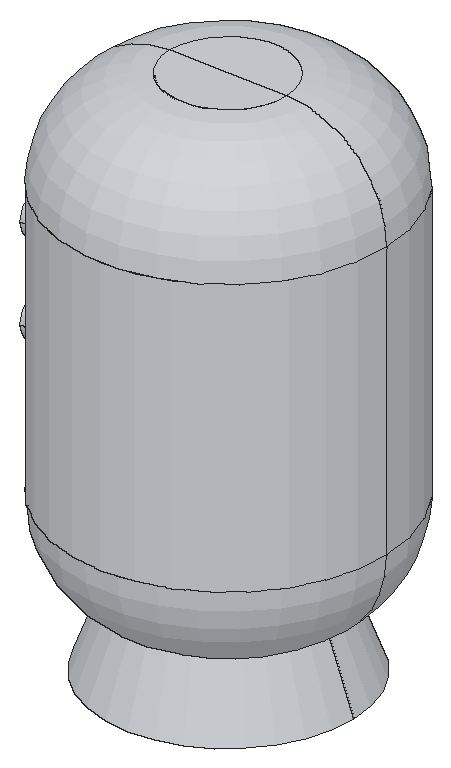
Revit family "0929b2b3861f4d8daf7a03f8534deceb", category Mechanical Equipment, Revit 2021
Family settings
  Round Connector Dimension = Use Radius
  Part Type = Normal
  OmniClass Number = 23.65.50.11.11.11
  OmniClass Title = Water Filters
  Seek Item ID = Sand Filter-0000-USA-ENU
  Work Plane-Based = No
  Always vertical = Yes
  Cut with Voids When Loaded = No
  Shared = No
  Room Calculation Point = No
Parameters (values of type "40 GPM")
  Sand Filter Radius = 1 / 2 * Sand Filter Diameter  # 0' - 9 1/2"
  Sand Filter Height = 2' - 8"
  Sand Filter Diameter = 1' - 7"
  Radius 2 = Sand Filter Radius - 0' 2"  # 0' - 7 1/2"
  Radius 1 = Sand Filter Radius - 0' 3 1/2"  # 0' - 6"
  Pressure Drop [instance] = 0.285 psi
  Outlet Radius = 1"
  Outlet Diameter = Outlet Radius * 2  # 2"
  Inlet Radius = 1"
  Inlet Diameter = Inlet Radius * 2  # 2"
  Flow [instance] = 40 GPM
  Filter Material = none
  Default Elevation = 0' - 0"
  Connector Height 2 = 1' - 8 1/2"
  Connector Height 1 = 1' - 3"
Types (5): name | Sand Filter Radius | Sand Filter Height | Sand Filter Diameter | Radius 2 | Radius 1 | Pressure Drop | Flow | Connector Height 2 | Connector Height 1
  (no name) | 0' - 9 1/2" | 2' - 8" | 1' - 7" | 0' - 7 1/2" | 0' - 6" | 0.285 psi | 40 GPM | 1' - 8 1/2" | 1' - 3"
  40 GPM | 0' - 9 1/2" | 2' - 8" | 1' - 7" | 0' - 7 1/2" | 0' - 6" | 0.285 psi | 40 GPM | 1' - 8 1/2" | 1' - 3"
  50 GPM | 0' - 10 1/2" | 3' - 4" | 1' - 9" | 0' - 8 1/2" | 0' - 7" | 0.337 psi | 50 GPM | 2' - 1 13/16" | 1' - 5 5/8"
  100 GPM | 1' - 0" | 3' - 10" | 2' - 0" | 0' - 10" | 0' - 8 1/2" | 0.378 psi | 100 GPM | 2' - 5 13/16" | 1' - 7 11/16"
  140 GPM | 1' - 6 1/2" | 4' - 4" | 3' - 1" | 1' - 4 1/2" | 1' - 3" | 0.427 psi | 140 GPM | 2' - 9 13/16" | 1' - 9 11/16"
Reference planes (in)
  plane 1 "Center (Front/Back)": y = 0
  plane 2: z = 0
  plane 3 "Center (Left/Right)": x = 0
  plane 4: z = 4
  plane 5: x = -9.5
  plane 6: x = 9.5
  plane 7: x = -6
  plane 8: x = 6
  plane 9: z = 9.5
  plane 10: z = 32
  plane 11: z = 26
  plane 12: x = -3.5
  plane 13: x = 3.5
  plane 14: z = 15
  plane 15: z = 20.5
  plane 16: x = -11.5
  plane 17: z = 3.4
  plane 18: x = -3.4
Forms (in)
  Blend 1, solid, material <- "Filter Material"
    base sketch origin (0, 0, 0) x (1, 0, 0) y (0, 1, 0)
      loop
        circle (0, 0) r 6
    top sketch origin (0, 0, 0) x (1, 0, 0) y (0, 1, 0)
      loop
        circle (0, 0) r 7.5
    from 4 to 0
  Extrusion 2, solid, material <- "Filter Material"
    sketch origin (0, 0, 0) x (0, 1, 0) y (0, 0, 1)
      loop
        circle (0, 20.5) r 1.1875
    from -11.5 to -6
  Extrusion 3, solid, material <- "Filter Material"
    sketch origin (0, 0, 0) x (0, 1, 0) y (0, 0, 1)
      loop
        circle (0, 15) r 1.1875
    from -11.5 to -6
  Revolve 4, solid, material <- "Filter Material"
    sketch origin (0, 0, 0) x (1, 0, 0) y (0, 0, 1)
      loop
        line (0, 32) -> (-3.5, 32)
        arc (-3.5, 32) -> (-7.74264, 30.24264) -> (-9.5, 26) r 6
        line (-9.5, 26) -> (-9.5, 9.5)
        arc (-9.5, 9.5) -> (-8.5625, 6.25061) -> (-6.03818, 4) r 6.1
        line (-6.03818, 4) -> (0, 4) -> (0, 32)
      axis (0, 32) -> (0, 4)
    angle from 0 to 360
Cuts and joins
  joined: Extrusion 2, Extrusion 3, Revolve 4
Dimensions and locks (in)
  locked: plane 4 to plane 2 at 4
  equal spacing: plane 5, plane 3 "Center (Left/Right)", plane 6
  "Sand Filter Radius": plane 5 to plane 3 "Center (Left/Right)"
  equal spacing: plane 6, plane 3 "Center (Left/Right)", plane 5
  "Sand Filter Radius": plane 3 "Center (Left/Right)" to plane 5
  locked: plane 7 to plane 5 at 3.5
  locked: plane 6 to plane 8 at 3.5
  locked: plane 9 to plane 4 at 5.5
  "Sand Filter Height": plane 10 to plane 2
  locked: plane 10 to plane 11 at 6
  locked: plane 12 to plane 5 at 6
  locked: plane 6 to plane 13 at 6
  "Connector Height 1": plane 14 to plane 2
  "Connector Height 2": plane 15 to plane 2
  locked: plane 5 to plane 16 at 2
  locked: plane 9 to plane 17 at 6.1
  locked: plane 18 to plane 5 at 6.1
  "Radius 1": radius of Blend 1 sketch curve
  "Radius 2": radius of Blend 1 sketch curve
  radius of Extrusion 2 sketch curve = 0' - 1 3/16"
  radius of Extrusion 3 sketch curve = 0' - 1 3/16"
  radius of Revolve 4 sketch curve = 0' - 6"
  aligned and locked: plane 3 "Center (Left/Right)" to Blend 1 sketch curve  (x2)
  aligned and locked: plane 1 "Center (Front/Back)" to Blend 1 sketch curve  (x2)
  aligned and locked: Blend 1 to plane 4
  aligned and locked: Blend 1 to plane 2
  aligned and locked: plane 1 "Center (Front/Back)" to Extrusion 2 sketch curve
  aligned and locked: plane 15 to Extrusion 2 sketch curve
  aligned and locked: Extrusion 2 to plane 16
  aligned and locked: plane 1 "Center (Front/Back)" to Extrusion 3 sketch curve
  aligned and locked: plane 14 to Extrusion 3 sketch curve
  aligned and locked: Extrusion 3 to plane 16
  aligned and locked: plane 7 to Extrusion 2
  aligned and locked: plane 7 to Extrusion 3
  aligned and locked: plane 3 "Center (Left/Right)" to Revolve 4 sketch curve
  aligned and locked: plane 10 to Revolve 4 sketch curve
  aligned and locked: Revolve 4 sketch curve to plane 5
  aligned and locked: plane 9 to Revolve 4 sketch curve
  aligned and locked: plane 18 to Revolve 4 sketch curve
  aligned and locked: plane 4 to Revolve 4 sketch curve
  aligned and locked: Revolve 4 sketch curve to Revolve 4 sketch curve
Automatic sketch dimensions
  Revolve 4 sketch curve to plane 4 = 0' - 0"
  Revolve 4 sketch curve to plane 10 = 0' - 0"
Connectors (in)
  piping at (-11.5, 0, 20.5), diameter 2, driven by "Flow", driven by "Inlet Radius"
    settings: on Extrusion 2, index 1, connector inside diameter 2", connector length 0' - 0", flow factor 0, pipe flow 40 GPM, pressure drop 0.00 psi, fitting loss kfactor 0, connector angle 0.00°, fixture units 0, engagement length 0' - 0", angle of deflection 0.00°, flow configuration 1, flow direction 1, fitting loss method 0, system type 29, joint type 0, gender type 0, connector reference index -1, connector utility 0, adjustable connector no, is connector primary yes, connector description "Inlet"
  piping at (-11.5, 0, 15), diameter 2, driven by "Flow", driven by "Outlet Radius", driven by "Pressure Drop"
    settings: on Extrusion 3, index 2, connector inside diameter 2", connector length 0' - 0", flow factor 0, pipe flow 40 GPM, pressure drop 0.285 psi, fitting loss kfactor 0, connector angle 0.00°, fixture units 0, engagement length 0' - 0", angle of deflection 0.00°, flow configuration 0, flow direction 2, fitting loss method 4, system type 29, joint type 0, gender type 0, connector reference index -1, connector utility 0, adjustable connector no, is connector primary no, connector description "Outlet"
